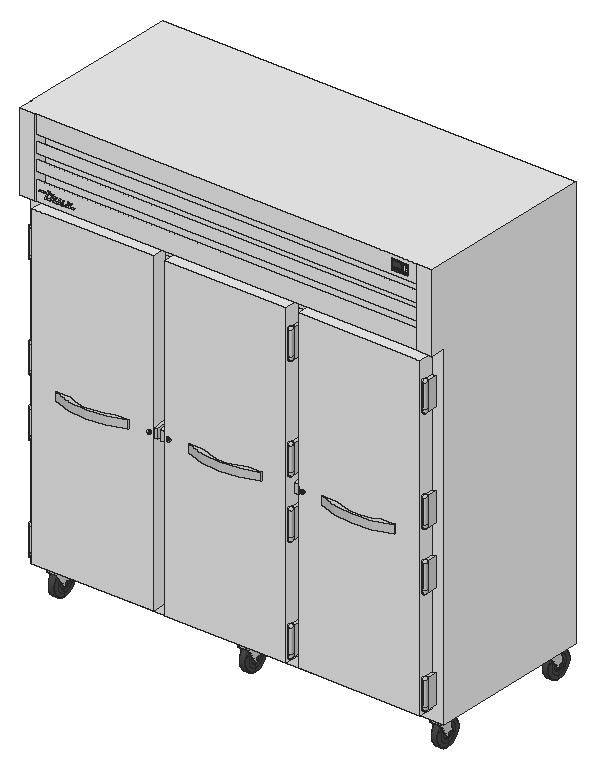
Revit family
Parameters
  Weight in Pounds = 0
  Watts = Volts * FL Amps  # 1046.5 W
  Volts = 115 V
  URL Cutsheet = "www.truemfg.com"
  URL = "www.truemfg.com"
  Type Mark [instance] = ""
  Type Comments = ""
  Status [instance] = ""
  Specification by User [instance] = ""
  Specification by Manufacturer = ""
  Show Seismic Flanged [instance] = no
  Show Logo [instance] = yes
  Show Legs [instance] = no
  Show Clearance [instance] = yes
  Serial Number = ""
  Seismic Rating = ""
  Seismic Plate [instance] = and(Show Seismic Flanged, not(Show Casters))  # no
  SMACNA No = ""
  Revision Code [instance] = ""
  Phase = 1
  Omniclass Number and Title = ""
  Number of Poles [instance] = 1
  NAFEM Spec ID Number = ""
  Model = "STR3R-3S"
  Min Ckt Ampacity = 0 A
  Max Overcurrent Protection = 0 A
  Masterspec = ""
  Manufacturer = "TRUE FOOD SERVICE EQUIPMENT, INC."
  Length = 77 3/4"
  Legs [instance] = or(Show Legs, Show Seismic Flanged)  # no
  Item Number [instance] = ""
  Installed By [instance] = ""
  Identify Quantity as Lot [instance] = yes
  Height = 77 3/4"
  HP = "1/2"
  Furnished By [instance] = ""
  Foodservice Equipment Identifier [instance] = yes
  FL Amps = 9.1 A
  Electrical Remarks [instance] = ""
  Electric Connection Type [instance] = ""
  Elec Conn RI Height [instance] = 0"
  Elec Conn Connection Height [instance] = 0"
  Description = "Reach-in Solid Swing Door Refrigerator"
  Depth = 33 3/4"
  Cycle = 60 Hz
  Conn Plug = "5-15P"
  Conn Conduit = yes
  Show Casters [instance] = and(not(if(Show Legs, Show Legs, Show Legs)), not(if(Show Legs, Show Legs, Show Seismic Flanged)))  # yes
  CSI MasterFormat = ""
  CSI Master Format = ""
  Apparent Power = if(Phase = 3, Volts * FL Amps * 1.73, Volts * FL Amps)  # 1046.5 VA
Reference planes (in)
  plane 1 "BACK": y = 0
  plane 2: z = 0
  plane 3 "LEFT": x = 0
  plane 4 "RIGHT": x = 77.75
  plane 5 "FRONT": y = -33.75
  plane 6 "TOP": z = 84.125
  plane 7: z = 6.125
  plane 8: y = -33.7042
  plane 9: x = 38.875
Forms (in)
  Extrusion 1, solid, material "QF_Finishes_Chrome - Satin"
    sketch origin (0.05, 0, 0) x (1, 0, 0) y (0, 1, 0)
      loop
        line (-0.05, 0) -> (-0.05, -31) -> (2.2, -31) -> (2.2, 0) -> (-0.05, 0)
    from 6.125 to 84.125
  Extrusion 2, solid, material "QF_Finishes_Chrome - Satin"
    sketch origin (49.99375, 0, 0) x (1, 0, 0) y (0, 1, 0)
      loop
        line (25.50625, 0) -> (25.50625, -31) -> (27.75625, -31) -> (27.75625, 0) -> (25.50625, 0)
    from 6.125 to 84.125
  Extrusion 3, solid, material "QF_Finishes_Chrome - Satin"
    sketch origin (0, 0, 0) x (0, 1, 0) y (0, 0, 1)
      loop
        line (-33.7042, 69.5) -> (-31, 69.5) -> (-31, 66.96875) -> (-2, 66.96875) -> (-2, 9.98627) -> (-31, 9.98627) -> (-31, 6.125) -> (0, 6.125) -> (0, 84.125) -> (-33.7042, 84.125) -> (-33.7042, 80.78078) -> (-31.5, 79.21352) -> (-31.5, 78.09125) -> (-33.7042, 79.65851) -> (-33.7042, 77.5248) -> (-31.5, 75.95754) -> (-31.5, 74.99678) -> (-33.7042, 76.56404) -> (-33.7042, 74.46784) -> (-31.5, 72.90057) -> (-31.5, 71.625) -> (-33.7042, 73.19226) -> (-33.7042, 69.5)
    from 2.25 to 75.5
  Extrusion 4, solid, material "QF_Finishes_Chrome - Satin"
    sketch origin (0, 0, 0) x (1, 0, 0) y (0, 1, 0)
      loop
        line (77.75407, -31) -> (74.78532, -31) -> (74.78532, -33.75) -> (77.75407, -33.75) -> (77.75407, -31)
    from 69.5 to 84.125
  Extrusion 5, solid, material "QF_Finishes_Chrome - Satin"
    sketch origin (-50.125, 0, 0.25) x (1, 0, 0) y (0, 1, 0)
      loop
        line (53.05359, -31) -> (50.24109, -31) -> (50.24109, -33.75) -> (53.05359, -33.75) -> (53.05359, -31)
    from 69.25 to 83.875
  Extrusion 6, solid
    sketch origin (0, 0, 0) x (1, 0, 0) y (0, 0, 1)
      loop
        circle (74.65625, 82) r 0.25
    from 0 to 0.0625
  Extrusion 7, solid, material "QF_Finishes_Handrails and Railings", visible <- "Show Casters"
    sketch origin (73.0625, 0, 0) x (0, 1, 0) y (0, 0, 1)
      loop
        line (-29.95136, 5.48574) -> (-29.95136, 4.88089) -> (-29.70136, 4.88089) -> (-27.95216, 2.18736)
        arc (-27.95216, 2.18736) -> (-27.23883, 1.94868) -> (-26.84581, 2.59003) r 0.60416
        line (-26.84581, 2.59003) -> (-27.20136, 5.48574) -> (-29.95136, 5.48574)
      loop
        line (-3.8577, 5.48574) -> (-3.8577, 4.88089) -> (-3.6077, 4.88089) -> (-1.8585, 2.18736)
        arc (-1.8585, 2.18736) -> (-1.14517, 1.94868) -> (-0.75215, 2.59003) r 0.60416
        line (-0.75215, 2.59003) -> (-1.1077, 5.48574) -> (-3.8577, 5.48574)
    from 1.175 to 1.325
  Extrusion 8, solid, material "QF_Finishes_Handrails and Railings", visible <- "Show Casters"
    sketch origin (74.5625, 0, 0) x (0, 1, 0) y (0, 0, 1)
      loop
        line (-29.95136, 5.48574) -> (-29.95136, 4.88089) -> (-29.70136, 4.88089) -> (-27.95216, 2.18736)
        arc (-27.95216, 2.18736) -> (-27.23883, 1.94868) -> (-26.84581, 2.59003) r 0.60416
        line (-26.84581, 2.59003) -> (-27.20136, 5.48574) -> (-29.95136, 5.48574)
      loop
        line (-3.8577, 5.48574) -> (-3.8577, 4.88089) -> (-3.6077, 4.88089) -> (-1.8585, 2.18736)
        arc (-1.8585, 2.18736) -> (-1.14517, 1.94868) -> (-0.75215, 2.59003) r 0.60416
        line (-0.75215, 2.59003) -> (-1.1077, 5.48574) -> (-3.8577, 5.48574)
    from 1.175 to 1.325
  Revolve 9, solid, material "QF_Finishes_Chrome - Satin", visible <- "Legs"
    sketch origin (47.78125, -2.69102, 0) x (1, 0, 0) y (0, 0, 1)
      loop
        line (27.28125, 6.125) -> (25.94787, 6.125) -> (26.53125, 1) -> (26.78125, 1) -> (26.78125, 0) -> (27.28125, 0) -> (27.28125, 6.125)
      axis (27.28125, 0) -> (27.28125, 6.125)
    angle from 0 to 360
  Revolve 10, solid, material "QF_Finishes_Chrome - Satin", visible <- "Show Casters"
    sketch origin (47.78125, -2.70321, -0.5) x (1, 0, 0) y (0, 0, 1)
      loop
        line (27.28125, 5.99546) -> (27.28125, 6.62359) -> (25.98418, 6.62359) -> (25.98418, 5.99546) -> (27.28125, 5.99546)
      axis (27.28125, 5.99546) -> (27.28125, 6.62359)
    angle from 0 to 360
  Extrusion 11, solid, material "QF_Finishes_Handrails and Railings", visible <- "Show Casters"
    sketch origin (25.28125, 0, 0) x (0, 1, 0) y (0, 0, 1)
      loop
        line (-29.95136, 5.48574) -> (-29.95136, 4.88089) -> (-29.70136, 4.88089) -> (-27.16533, 5.19227) -> (-27.20136, 5.48574) -> (-29.95136, 5.48574)
      loop
        line (-3.8577, 5.48574) -> (-3.8577, 4.88089) -> (-3.6077, 4.88089) -> (-1.07167, 5.19227) -> (-1.1077, 5.48574) -> (-3.8577, 5.48574)
    from 49.10625 to 50.45625
  Revolve 12, solid, material "QF_Finishes_Black", visible <- "Show Casters"
    sketch origin (47.78125, -1.21875, 0) x (1, 0, 0) y (0, 0, 1)
      loop
        line (26.75625, 5) -> (26.65625, 4.9) -> (26.65625, 4.29941) -> (26.81726, 4.29941) -> (26.81726, 3.54941) -> (26.65625, 3.54941) -> (26.65625, 2.79941) -> (26.25625, 2.79941) -> (26.25625, 2.5) -> (28.30625, 2.5) -> (28.30625, 2.79941) -> (27.91033, 2.79941) -> (27.91033, 3.54941) -> (27.74524, 3.54941) -> (27.74524, 4.29941) -> (27.91033, 4.29941) -> (27.91033, 4.89592) -> (27.80625, 5) -> (26.75625, 5)
      axis (28.30625, 2.5) -> (26.25625, 2.5)
    angle from 0 to 360
  Extrusion 13, solid, material "QF_Finishes_Handrails and Railings", visible <- "Show Casters"
    sketch origin (0.84375, 0, 0) x (0, 1, 0) y (0, 0, 1)
      loop
        line (-29.95136, 5.48574) -> (-29.95136, 4.88089) -> (-29.70136, 4.88089) -> (-27.95216, 2.18736)
        arc (-27.95216, 2.18736) -> (-27.23883, 1.94868) -> (-26.84581, 2.59003) r 0.60416
        line (-26.84581, 2.59003) -> (-27.20136, 5.48574) -> (-29.95136, 5.48574)
      loop
        line (-3.8577, 5.48574) -> (-3.8577, 4.88089) -> (-3.6077, 4.88089) -> (-1.8585, 2.18736)
        arc (-1.8585, 2.18736) -> (-1.14517, 1.94868) -> (-0.75215, 2.59003) r 0.60416
        line (-0.75215, 2.59003) -> (-1.1077, 5.48574) -> (-3.8577, 5.48574)
    from 1.175 to 1.325
  Extrusion 14, solid, material "QF_Finishes_Handrails and Railings", visible <- "Show Casters"
    sketch origin (2.34375, 0, 0) x (0, 1, 0) y (0, 0, 1)
      loop
        line (-29.95136, 5.48574) -> (-29.95136, 4.88089) -> (-29.70136, 4.88089) -> (-27.95216, 2.18736)
        arc (-27.95216, 2.18736) -> (-27.23883, 1.94868) -> (-26.84581, 2.59003) r 0.60416
        line (-26.84581, 2.59003) -> (-27.20136, 5.48574) -> (-29.95136, 5.48574)
      loop
        line (-3.8577, 5.48574) -> (-3.8577, 4.88089) -> (-3.6077, 4.88089) -> (-1.8585, 2.18736)
        arc (-1.8585, 2.18736) -> (-1.14517, 1.94868) -> (-0.75215, 2.59003) r 0.60416
        line (-0.75215, 2.59003) -> (-1.1077, 5.48574) -> (-3.8577, 5.48574)
    from 1.175 to 1.325
  Revolve 15, solid, material "QF_Finishes_Chrome - Satin", visible <- "Legs"
    sketch origin (0.84375, -2.69102, 0) x (1, 0, 0) y (0, 0, 1)
      loop
        line (2, 6.125) -> (0.66662, 6.125) -> (1.25, 1) -> (1.5, 1) -> (1.5, 0) -> (2, 0) -> (2, 6.125)
      axis (2, 0) -> (2, 6.125)
    angle from 0 to 360
  Revolve 16, solid, material "QF_Finishes_Chrome - Satin", visible <- "Show Casters"
    sketch origin (0.84375, -2.70321, -0.5) x (1, 0, 0) y (0, 0, 1)
      loop
        line (2, 5.99546) -> (2, 6.62359) -> (0.70293, 6.62359) -> (0.70293, 5.99546) -> (2, 5.99546)
      axis (2, 5.99546) -> (2, 6.62359)
    angle from 0 to 360
  Extrusion 17, solid, material "QF_Finishes_Handrails and Railings", visible <- "Show Casters"
    sketch origin (-46.9375, 0, 0) x (0, 1, 0) y (0, 0, 1)
      loop
        line (-29.95136, 5.48574) -> (-29.95136, 4.88089) -> (-29.70136, 4.88089) -> (-27.16533, 5.19227) -> (-27.20136, 5.48574) -> (-29.95136, 5.48574)
      loop
        line (-3.8577, 5.48574) -> (-3.8577, 4.88089) -> (-3.6077, 4.88089) -> (-1.07167, 5.19227) -> (-1.1077, 5.48574) -> (-3.8577, 5.48574)
    from 49.10625 to 50.45625
  Revolve 18, solid, material "QF_Finishes_Black", visible <- "Show Casters"
    sketch origin (0.84375, -1.21875, 0) x (1, 0, 0) y (0, 0, 1)
      loop
        line (1.475, 5) -> (1.375, 4.9) -> (1.375, 4.29941) -> (1.53601, 4.29941) -> (1.53601, 3.54941) -> (1.375, 3.54941) -> (1.375, 2.79941) -> (0.975, 2.79941) -> (0.975, 2.5) -> (3.025, 2.5) -> (3.025, 2.79941) -> (2.62908, 2.79941) -> (2.62908, 3.54941) -> (2.46399, 3.54941) -> (2.46399, 4.29941) -> (2.62908, 4.29941) -> (2.62908, 4.89592) -> (2.525, 5) -> (1.475, 5)
      axis (3.025, 2.5) -> (0.975, 2.5)
    angle from 0 to 360
  Extrusion 19, solid, material "QF_Finishes_Chrome - Satin", visible <- "Seismic Plate"
    sketch origin (-0.22541, -0.99687, 0) x (1, 0, 0) y (0, 1, 0)
      loop
        circle (3.06916, -1.69416) r 1.5
    from 0 to 0.25
  Extrusion 20, solid, material "QF_Finishes_Chrome - Satin", visible <- "Seismic Plate"
    sketch origin (46.71209, -0.99687, 0) x (1, 0, 0) y (0, 1, 0)
      loop
        circle (28.35041, -1.69416) r 1.5
    from 0 to 0.25
  Extrusion 21, solid, material "QF_Finishes_Chrome - Satin"
    sketch origin (0, 0, -0.71875) x (1, 0, 0) y (0, 0, 1)
      loop
        line (2.28125, 68.6875) -> (2.28125, 8.75) -> (25.21875, 8.75) -> (25.21875, 68.6875) -> (2.28125, 68.6875)
      loop
        line (50.21875, 68.6875) -> (27.28125, 68.6875) -> (27.28125, 8.75) -> (50.21875, 8.75) -> (50.21875, 68.6875)
      loop
        line (75.46875, 68.6875) -> (52.53125, 68.6875) -> (52.53125, 8.75) -> (75.46875, 8.75) -> (75.46875, 68.6875)
    from 31 to 33.75
  Extrusion 22, solid, material "QF_Finishes_Handrails and Railings", visible <- "Show Logo"
    sketch origin (0.33478, 1.08173, -6.73143) x (1, 0, 0) y (0, 0, 1)
      loop
        line (3.46044, 78.46231) -> (3.35478, 78.23573) -> (4.76027, 78.23573)
        arc (4.76027, 78.23573) -> (4.78879, 78.18528) -> (4.76027, 78.13484) r 0.05887
        line (4.76027, 78.13484) -> (4.39369, 77.34872)
        arc (4.39369, 77.34872) -> (4.39051, 77.27591) -> (4.43975, 77.22217) r 0.09523
        line (4.43975, 77.22217) -> (5.33844, 77.22217)
        arc (5.33844, 77.22217) -> (5.45192, 77.25795) -> (5.52436, 77.35235) r 0.19785
        line (5.52436, 77.35235) -> (5.81285, 77.97101) -> (6.0779, 77.97101)
        arc (6.0779, 77.97101) -> (6.14744, 77.94543) -> (6.13737, 77.87203) r 0.05911
        line (6.13737, 77.87203) -> (5.89598, 77.35437)
        arc (5.89598, 77.35437) -> (5.89974, 77.2684) -> (5.97231, 77.22217) r 0.09318
        line (5.97231, 77.22217) -> (6.76198, 77.22217)
        arc (6.76198, 77.22217) -> (6.82249, 77.24419) -> (6.85468, 77.29995) r 0.09412
        arc (6.85468, 77.29995) -> (6.87746, 77.24495) -> (6.93246, 77.22217) r 0.07778
        line (6.93246, 77.22217) -> (7.43246, 77.22217)
        arc (7.43246, 77.22217) -> (7.49022, 77.23765) -> (7.53251, 77.27993) r 0.11552
        arc (7.53251, 77.27993) -> (7.55275, 77.23106) -> (7.60162, 77.21081) r 0.06912
        line (7.60162, 77.21081) -> (8.31225, 77.21081)
        arc (8.31225, 77.21081) -> (8.37034, 77.23488) -> (8.39441, 77.29297) r 0.08216
        arc (8.39441, 77.29297) -> (8.44767, 77.23972) -> (8.52042, 77.22022) r 0.14551
        line (8.52042, 77.22022) -> (9.85158, 77.22022) -> (9.99946, 77.47634) -> (8.65678, 77.47634)
        arc (8.65678, 77.47634) -> (8.61972, 77.50204) -> (8.61834, 77.54711) r 0.05009
        line (8.61834, 77.54711) -> (8.64157, 77.59692)
        arc (8.64157, 77.59692) -> (8.67723, 77.64364) -> (8.73327, 77.66135) r 0.09747
        line (8.73327, 77.66135) -> (9.16485, 77.66135)
        arc (9.16485, 77.66135) -> (9.258, 77.68631) -> (9.32619, 77.7545) r 0.1863
        line (9.32619, 77.7545) -> (9.45119, 77.97101)
        arc (9.45119, 77.97101) -> (9.45119, 78.08657) -> (9.35111, 78.14434) r 0.11556
        line (9.35111, 78.14434) -> (8.89562, 78.14434)
        arc (8.89562, 78.14434) -> (8.7795, 78.12462) -> (8.69849, 78.03912) r 0.18605
        line (8.69849, 78.03912) -> (8.48204, 77.57493)
        arc (8.48204, 77.57493) -> (8.41815, 77.49167) -> (8.31806, 77.46011) r 0.1745
        line (8.31806, 77.46011) -> (7.84559, 77.46011)
        arc (7.84559, 77.46011) -> (7.78903, 77.52184) -> (7.79268, 77.60548) r 0.10939
        line (7.79268, 77.60548) -> (8.04395, 78.14434) -> (7.88403, 78.14434) -> (7.61781, 77.57344)
        arc (7.61781, 77.57344) -> (7.56609, 77.50603) -> (7.48505, 77.48048) r 0.14128
        line (7.48505, 77.48048) -> (7.15925, 77.48048)
        arc (7.15925, 77.48048) -> (7.10419, 77.55223) -> (7.116, 77.64189) r 0.11816
        line (7.116, 77.64189) -> (7.3503, 78.14434) -> (7.18514, 78.14434) -> (6.91546, 77.566)
        arc (6.91546, 77.566) -> (6.85285, 77.50339) -> (6.76733, 77.48048) r 0.17104
        line (6.76733, 77.48048) -> (6.29555, 77.48048)
        arc (6.29555, 77.48048) -> (6.21082, 77.51999) -> (6.20267, 77.61313) r 0.0935
        line (6.20267, 77.61313) -> (6.35774, 77.94569) -> (6.57695, 77.94569)
        arc (6.57695, 77.94569) -> (6.61395, 78.05717) -> (6.69267, 78.14434) r 0.2857
        line (6.69267, 78.14434) -> (5.83605, 78.14434)
        arc (5.83605, 78.14434) -> (5.74086, 78.12324) -> (5.67498, 78.05135) r 0.16212
        line (5.67498, 78.05135) -> (5.44279, 77.55341)
        arc (5.44279, 77.55341) -> (5.3894, 77.50002) -> (5.31647, 77.48048) r 0.14586
        line (5.31647, 77.48048) -> (4.80506, 77.48048)
        arc (4.80506, 77.48048) -> (4.76514, 77.53442) -> (4.77274, 77.60109) r 0.09155
        line (4.77274, 77.60109) -> (5.11018, 78.23573) -> (5.96155, 78.23573) -> (6.06721, 78.46231) -> (5.21584, 78.46231) -> (5.32149, 78.68888) -> (5.01862, 78.68888) -> (4.91297, 78.46231) -> (3.46044, 78.46231)
      loop
        arc (8.83805, 77.93863) -> (8.80119, 77.92875) -> (8.7742, 77.90176) r 0.07373
        line (8.7742, 77.90176) -> (8.75229, 77.83436)
        arc (8.75229, 77.83436) -> (8.76245, 77.80983) -> (8.78699, 77.79966) r 0.0347
        line (8.78699, 77.79966) -> (9.15948, 77.79966)
        arc (9.15948, 77.79966) -> (9.18632, 77.80561) -> (9.20812, 77.82234) r 0.0635
        line (9.20812, 77.82234) -> (9.22624, 77.90622)
        arc (9.22624, 77.90622) -> (9.22091, 77.92868) -> (9.20009, 77.93863) r 0.02676
        line (9.20009, 77.93863) -> (8.83805, 77.93863)
    from 34.76797 to 34.83173
  Extrusion 23, solid, material "QF_Finishes_Handrails and Railings"
    sketch origin (1.28125, 0, 0) x (0, 1, 0) y (0, 0, 1)
      loop
        line (-31, 64.55229) -> (-32.61044, 64.55229)
        arc (-32.61044, 64.55229) -> (-32.75506, 64.49238) -> (-32.81497, 64.34776) r 0.20453
        line (-32.81497, 64.34776) -> (-32.81497, 59.94848) -> (-33.25, 59.94848) -> (-33.25, 59.23627) -> (-31, 59.23627) -> (-31, 64.55229)
    from 0.17506 to 1
  Revolve 24, solid, material "QF_Finishes_Handrails and Railings"
    sketch origin (1.78125, 0, 0) x (0, 1, 0) y (0, 0, 1)
      loop
        line (-33.26563, 60.00189) -> (-33.26563, 64.81483)
        arc (-33.26563, 64.81483) -> (-33.53722, 64.72557) -> (-33.67229, 64.4736) r 0.3848
        line (-33.67229, 64.4736) -> (-33.67229, 60.00189) -> (-33.26563, 60.00189)
      loop
        line (-33.26563, 59.94848) -> (-33.67229, 59.94848) -> (-33.67229, 59.37712)
        arc (-33.67229, 59.37712) -> (-33.53264, 59.13383) -> (-33.26563, 59.04781) r 0.38884
        line (-33.26563, 59.04781) -> (-33.26563, 59.94848)
      axis (-33.26563, 59.04781) -> (-33.26563, 64.81483)
    angle from 0 to 360
  Extrusion 25, solid, material "QF_Finishes_Handrails and Railings"
    sketch origin (-0.03125, 0, 0) x (1, 0, 0) y (0, 0, 1)
      loop
        line (1.91491, 64.4736) -> (1.91491, 60.00079) -> (2.3125, 60.00079) -> (2.3125, 64.4736) -> (1.91491, 64.4736)
    from 32.81497 to 33.59495
  Extrusion 26, solid, material "QF_Finishes_Handrails and Railings"
    sketch origin (1.28125, 0, -19.5) x (0, 1, 0) y (0, 0, 1)
      loop
        line (-31, 64.55229) -> (-32.61044, 64.55229)
        arc (-32.61044, 64.55229) -> (-32.75506, 64.49238) -> (-32.81497, 64.34776) r 0.20453
        line (-32.81497, 64.34776) -> (-32.81497, 59.94848) -> (-33.25, 59.94848) -> (-33.25, 59.23627) -> (-31, 59.23627) -> (-31, 64.55229)
    from 0.17506 to 1
  Revolve 27, solid, material "QF_Finishes_Handrails and Railings"
    sketch origin (1.78125, 0, -19.5) x (0, 1, 0) y (0, 0, 1)
      loop
        line (-33.26563, 60.00189) -> (-33.26563, 64.81483)
        arc (-33.26563, 64.81483) -> (-33.53722, 64.72557) -> (-33.67229, 64.4736) r 0.3848
        line (-33.67229, 64.4736) -> (-33.67229, 60.00189) -> (-33.26563, 60.00189)
      loop
        line (-33.26563, 59.94848) -> (-33.67229, 59.94848) -> (-33.67229, 59.37712)
        arc (-33.67229, 59.37712) -> (-33.53264, 59.13383) -> (-33.26563, 59.04781) r 0.38884
        line (-33.26563, 59.04781) -> (-33.26563, 59.94848)
      axis (-33.26563, 59.04781) -> (-33.26563, 64.81483)
    angle from 0 to 360
  Extrusion 28, solid, material "QF_Finishes_Handrails and Railings"
    sketch origin (-0.03125, 0, -19.5) x (1, 0, 0) y (0, 0, 1)
      loop
        line (1.91491, 64.4736) -> (1.91491, 60.00079) -> (2.3125, 60.00079) -> (2.3125, 64.4736) -> (1.91491, 64.4736)
    from 32.81497 to 33.59495
  Extrusion 29, solid, material "QF_Finishes_Handrails and Railings"
    sketch origin (1.28125, 0, -30.5) x (0, 1, 0) y (0, 0, 1)
      loop
        line (-31, 64.55229) -> (-32.61044, 64.55229)
        arc (-32.61044, 64.55229) -> (-32.75506, 64.49238) -> (-32.81497, 64.34776) r 0.20453
        line (-32.81497, 64.34776) -> (-32.81497, 59.94848) -> (-33.25, 59.94848) -> (-33.25, 59.23627) -> (-31, 59.23627) -> (-31, 64.55229)
    from 0.17506 to 1
  Revolve 30, solid, material "QF_Finishes_Handrails and Railings"
    sketch origin (1.78125, 0, -30.5) x (0, 1, 0) y (0, 0, 1)
      loop
        line (-33.26563, 60.00189) -> (-33.26563, 64.81483)
        arc (-33.26563, 64.81483) -> (-33.53722, 64.72557) -> (-33.67229, 64.4736) r 0.3848
        line (-33.67229, 64.4736) -> (-33.67229, 60.00189) -> (-33.26563, 60.00189)
      loop
        line (-33.26563, 59.94848) -> (-33.67229, 59.94848) -> (-33.67229, 59.37712)
        arc (-33.67229, 59.37712) -> (-33.53264, 59.13383) -> (-33.26563, 59.04781) r 0.38884
        line (-33.26563, 59.04781) -> (-33.26563, 59.94848)
      axis (-33.26563, 59.04781) -> (-33.26563, 64.81483)
    angle from 0 to 360
  Extrusion 31, solid, material "QF_Finishes_Handrails and Railings"
    sketch origin (-0.03125, 0, -30.5) x (1, 0, 0) y (0, 0, 1)
      loop
        line (1.91491, 64.4736) -> (1.91491, 60.00079) -> (2.3125, 60.00079) -> (2.3125, 64.4736) -> (1.91491, 64.4736)
    from 32.81497 to 33.59495
  Extrusion 32, solid, material "QF_Finishes_Handrails and Railings"
    sketch origin (1.28125, 0, -50.25) x (0, 1, 0) y (0, 0, 1)
      loop
        line (-31, 64.55229) -> (-32.61044, 64.55229)
        arc (-32.61044, 64.55229) -> (-32.75506, 64.49238) -> (-32.81497, 64.34776) r 0.20453
        line (-32.81497, 64.34776) -> (-32.81497, 59.94848) -> (-33.25, 59.94848) -> (-33.25, 59.23627) -> (-31, 59.23627) -> (-31, 64.55229)
    from 0.17506 to 1
  Revolve 33, solid, material "QF_Finishes_Handrails and Railings"
    sketch origin (1.78125, 0, -50.25) x (0, 1, 0) y (0, 0, 1)
      loop
        line (-33.26563, 60.00189) -> (-33.26563, 64.81483)
        arc (-33.26563, 64.81483) -> (-33.53722, 64.72557) -> (-33.67229, 64.4736) r 0.3848
        line (-33.67229, 64.4736) -> (-33.67229, 60.00189) -> (-33.26563, 60.00189)
      loop
        line (-33.26563, 59.94848) -> (-33.67229, 59.94848) -> (-33.67229, 59.37712)
        arc (-33.67229, 59.37712) -> (-33.53264, 59.13383) -> (-33.26563, 59.04781) r 0.38884
        line (-33.26563, 59.04781) -> (-33.26563, 59.94848)
      axis (-33.26563, 59.04781) -> (-33.26563, 64.81483)
    angle from 0 to 360
  Extrusion 34, solid, material "QF_Finishes_Handrails and Railings"
    sketch origin (-0.03125, 0, -50.25) x (1, 0, 0) y (0, 0, 1)
      loop
        line (1.91491, 64.4736) -> (1.91491, 60.00079) -> (2.3125, 60.00079) -> (2.3125, 64.4736) -> (1.91491, 64.4736)
    from 32.81497 to 33.59495
  Extrusion 35, solid, material "QF_Finishes_Handrails and Railings"
    sketch origin (51.1875, 0, 0) x (0, 1, 0) y (0, 0, -1)
      loop
        line (-31, -64.55229) -> (-31, -59.23627) -> (-33.25, -59.23627) -> (-33.25, -59.94848) -> (-32.81497, -59.94848) -> (-32.81497, -64.34776)
        arc (-32.81497, -64.34776) -> (-32.75506, -64.49238) -> (-32.61044, -64.55229) r 0.20453
        line (-32.61044, -64.55229) -> (-31, -64.55229)
    from 0.17506 to 1
  Revolve 36, solid, material "QF_Finishes_Handrails and Railings"
    sketch origin (50.6875, 0, 0) x (0, 1, 0) y (0, 0, -1)
      loop
        line (-33.26563, -60.00189) -> (-33.67229, -60.00189) -> (-33.67229, -64.4736)
        arc (-33.67229, -64.4736) -> (-33.53722, -64.72557) -> (-33.26563, -64.81483) r 0.3848
        line (-33.26563, -64.81483) -> (-33.26563, -60.00189)
      loop
        line (-33.26563, -59.94848) -> (-33.26563, -59.04781)
        arc (-33.26563, -59.04781) -> (-33.53264, -59.13383) -> (-33.67229, -59.37712) r 0.38884
        line (-33.67229, -59.37712) -> (-33.67229, -59.94848) -> (-33.26563, -59.94848)
      axis (-33.26563, -59.04781) -> (-33.26563, -64.81483)
    angle from 0 to 360
  Extrusion 37, solid, material "QF_Finishes_Handrails and Railings"
    sketch origin (52.5, 0, 0) x (-1, 0, 0) y (0, 0, -1)
      loop
        line (1.91491, -64.4736) -> (2.3125, -64.4736) -> (2.3125, -60.00079) -> (1.91491, -60.00079) -> (1.91491, -64.4736)
    from 32.81497 to 33.59495
  Extrusion 38, solid, material "QF_Finishes_Handrails and Railings"
    sketch origin (51.1875, 0, -19.5) x (0, 1, 0) y (0, 0, -1)
      loop
        line (-31, -64.55229) -> (-31, -59.23627) -> (-33.25, -59.23627) -> (-33.25, -59.94848) -> (-32.81497, -59.94848) -> (-32.81497, -64.34776)
        arc (-32.81497, -64.34776) -> (-32.75506, -64.49238) -> (-32.61044, -64.55229) r 0.20453
        line (-32.61044, -64.55229) -> (-31, -64.55229)
    from 0.17506 to 1
  Revolve 39, solid, material "QF_Finishes_Handrails and Railings"
    sketch origin (50.6875, 0, -19.5) x (0, 1, 0) y (0, 0, -1)
      loop
        line (-33.26563, -60.00189) -> (-33.67229, -60.00189) -> (-33.67229, -64.4736)
        arc (-33.67229, -64.4736) -> (-33.53722, -64.72557) -> (-33.26563, -64.81483) r 0.3848
        line (-33.26563, -64.81483) -> (-33.26563, -60.00189)
      loop
        line (-33.26563, -59.94848) -> (-33.26563, -59.04781)
        arc (-33.26563, -59.04781) -> (-33.53264, -59.13383) -> (-33.67229, -59.37712) r 0.38884
        line (-33.67229, -59.37712) -> (-33.67229, -59.94848) -> (-33.26563, -59.94848)
      axis (-33.26563, -59.04781) -> (-33.26563, -64.81483)
    angle from 0 to 360
  Extrusion 40, solid, material "QF_Finishes_Handrails and Railings"
    sketch origin (52.5, 0, -19.5) x (-1, 0, 0) y (0, 0, -1)
      loop
        line (1.91491, -64.4736) -> (2.3125, -64.4736) -> (2.3125, -60.00079) -> (1.91491, -60.00079) -> (1.91491, -64.4736)
    from 32.81497 to 33.59495
  Extrusion 41, solid, material "QF_Finishes_Handrails and Railings"
    sketch origin (51.1875, 0, -30.5) x (0, 1, 0) y (0, 0, -1)
      loop
        line (-31, -64.55229) -> (-31, -59.23627) -> (-33.25, -59.23627) -> (-33.25, -59.94848) -> (-32.81497, -59.94848) -> (-32.81497, -64.34776)
        arc (-32.81497, -64.34776) -> (-32.75506, -64.49238) -> (-32.61044, -64.55229) r 0.20453
        line (-32.61044, -64.55229) -> (-31, -64.55229)
    from 0.17506 to 1
  Revolve 42, solid, material "QF_Finishes_Handrails and Railings"
    sketch origin (50.6875, 0, -30.5) x (0, 1, 0) y (0, 0, -1)
      loop
        line (-33.26563, -60.00189) -> (-33.67229, -60.00189) -> (-33.67229, -64.4736)
        arc (-33.67229, -64.4736) -> (-33.53722, -64.72557) -> (-33.26563, -64.81483) r 0.3848
        line (-33.26563, -64.81483) -> (-33.26563, -60.00189)
      loop
        line (-33.26563, -59.94848) -> (-33.26563, -59.04781)
        arc (-33.26563, -59.04781) -> (-33.53264, -59.13383) -> (-33.67229, -59.37712) r 0.38884
        line (-33.67229, -59.37712) -> (-33.67229, -59.94848) -> (-33.26563, -59.94848)
      axis (-33.26563, -59.04781) -> (-33.26563, -64.81483)
    angle from 0 to 360
  Extrusion 43, solid, material "QF_Finishes_Handrails and Railings"
    sketch origin (52.5, 0, -30.5) x (-1, 0, 0) y (0, 0, -1)
      loop
        line (1.91491, -64.4736) -> (2.3125, -64.4736) -> (2.3125, -60.00079) -> (1.91491, -60.00079) -> (1.91491, -64.4736)
    from 32.81497 to 33.59495
  Extrusion 44, solid, material "QF_Finishes_Handrails and Railings"
    sketch origin (51.1875, 0, -50.25) x (0, 1, 0) y (0, 0, -1)
      loop
        line (-31, -64.55229) -> (-31, -59.23627) -> (-33.25, -59.23627) -> (-33.25, -59.94848) -> (-32.81497, -59.94848) -> (-32.81497, -64.34776)
        arc (-32.81497, -64.34776) -> (-32.75506, -64.49238) -> (-32.61044, -64.55229) r 0.20453
        line (-32.61044, -64.55229) -> (-31, -64.55229)
    from 0.17506 to 1
  Revolve 45, solid, material "QF_Finishes_Handrails and Railings"
    sketch origin (50.6875, 0, -50.25) x (0, 1, 0) y (0, 0, -1)
      loop
        line (-33.26563, -60.00189) -> (-33.67229, -60.00189) -> (-33.67229, -64.4736)
        arc (-33.67229, -64.4736) -> (-33.53722, -64.72557) -> (-33.26563, -64.81483) r 0.3848
        line (-33.26563, -64.81483) -> (-33.26563, -60.00189)
      loop
        line (-33.26563, -59.94848) -> (-33.26563, -59.04781)
        arc (-33.26563, -59.04781) -> (-33.53264, -59.13383) -> (-33.67229, -59.37712) r 0.38884
        line (-33.67229, -59.37712) -> (-33.67229, -59.94848) -> (-33.26563, -59.94848)
      axis (-33.26563, -59.04781) -> (-33.26563, -64.81483)
    angle from 0 to 360
  Extrusion 46, solid, material "QF_Finishes_Handrails and Railings"
    sketch origin (52.5, 0, -50.25) x (-1, 0, 0) y (0, 0, -1)
      loop
        line (1.91491, -64.4736) -> (2.3125, -64.4736) -> (2.3125, -60.00079) -> (1.91491, -60.00079) -> (1.91491, -64.4736)
    from 32.81497 to 33.59495
  Revolve 47, solid, material "QF_Finishes_Black", visible <- "Show Casters"
    sketch origin (73.0625, -27.375, 0) x (1, 0, 0) y (0, 0, 1)
      loop
        line (1.475, 5) -> (1.375, 4.9) -> (1.375, 4.29941) -> (1.53601, 4.29941) -> (1.53601, 3.54941) -> (1.375, 3.54941) -> (1.375, 2.79941) -> (0.975, 2.79941) -> (0.975, 2.5) -> (3.025, 2.5) -> (3.025, 2.79941) -> (2.62908, 2.79941) -> (2.62908, 3.54941) -> (2.46399, 3.54941) -> (2.46399, 4.29941) -> (2.62908, 4.29941) -> (2.62908, 4.89592) -> (2.525, 5) -> (1.475, 5)
      axis (3.025, 2.5) -> (0.975, 2.5)
    angle from 0 to 360
  Revolve 48, solid, material "QF_Finishes_Chrome - Satin", visible <- "Show Casters"
    sketch origin (73.0625, -28.5625, -0.5) x (1, 0, 0) y (0, 0, 1)
      loop
        line (2, 5.99546) -> (2, 6.62359) -> (0.70293, 6.62359) -> (0.70293, 5.99546) -> (2, 5.99546)
      axis (2, 5.99546) -> (2, 6.62359)
    angle from 0 to 360
  Revolve 49, solid, material "QF_Finishes_Chrome - Satin", visible <- "Legs"
    sketch origin (73.0625, -28.65977, 0) x (1, 0, 0) y (0, 0, 1)
      loop
        line (2, 6.125) -> (0.66662, 6.125) -> (1.25, 1) -> (1.5, 1) -> (1.5, 0) -> (2, 0) -> (2, 6.125)
      axis (2, 0) -> (2, 6.125)
    angle from 0 to 360
  Revolve 50, solid, material "QF_Finishes_Black", visible <- "Show Casters"
    sketch origin (0.84375, -27.375, 0) x (1, 0, 0) y (0, 0, 1)
      loop
        line (1.475, 5) -> (1.375, 4.9) -> (1.375, 4.29941) -> (1.53601, 4.29941) -> (1.53601, 3.54941) -> (1.375, 3.54941) -> (1.375, 2.79941) -> (0.975, 2.79941) -> (0.975, 2.5) -> (3.025, 2.5) -> (3.025, 2.79941) -> (2.62908, 2.79941) -> (2.62908, 3.54941) -> (2.46399, 3.54941) -> (2.46399, 4.29941) -> (2.62908, 4.29941) -> (2.62908, 4.89592) -> (2.525, 5) -> (1.475, 5)
      axis (3.025, 2.5) -> (0.975, 2.5)
    angle from 0 to 360
  Revolve 51, solid, material "QF_Finishes_Chrome - Satin", visible <- "Show Casters"
    sketch origin (0.84375, -28.5625, -0.5) x (1, 0, 0) y (0, 0, 1)
      loop
        line (2, 5.99546) -> (2, 6.62359) -> (0.70293, 6.62359) -> (0.70293, 5.99546) -> (2, 5.99546)
      axis (2, 5.99546) -> (2, 6.62359)
    angle from 0 to 360
  Revolve 52, solid, material "QF_Finishes_Chrome - Satin", visible <- "Legs"
    sketch origin (0.84375, -28.65977, 0) x (1, 0, 0) y (0, 0, 1)
      loop
        line (2, 6.125) -> (0.66662, 6.125) -> (1.25, 1) -> (1.5, 1) -> (1.5, 0) -> (2, 0) -> (2, 6.125)
      axis (2, 0) -> (2, 6.125)
    angle from 0 to 360
  Extrusion 53, solid, material "QF_Finishes_White"
    sketch origin (26.99925, 1.06376, 1.58022) x (1, 0, 0) y (0, 0, 1)
      loop
        line (43.16107, 81.73227) -> (43.16107, 79.98496) -> (46.06732, 79.98496) -> (46.06732, 81.73227) -> (43.16107, 81.73227)
    from 34.75 to 34.76797
  Extrusion 54, solid, material "QF_Finishes_Black"
    sketch origin (26.99925, 1.06376, 1.58022) x (1, 0, 0) y (0, 0, 1)
      loop
        line (46.12982, 81.79477) -> (43.09857, 81.79477) -> (43.09857, 79.92246) -> (46.12982, 79.92246) -> (46.12982, 81.79477)
      loop
        spline (43.29857, 80.25372) -> (43.30708, 80.23754) -> (43.33206, 80.22247) -> (43.37179, 80.20952) -> (43.42357, 80.19959) -> (43.48386, 80.19335) -> (43.54857, 80.19122) -> (43.61327, 80.19335) -> (43.67357, 80.19959) -> (43.72534, 80.20952) -> (43.76507, 80.22247) -> (43.79005, 80.23754) -> (43.79857, 80.25372)
        spline (43.79857, 80.25372) -> (43.79005, 80.26989) -> (43.76507, 80.28497) -> (43.72534, 80.29791) -> (43.67357, 80.30784) -> (43.61327, 80.31409) -> (43.54857, 80.31622) -> (43.48386, 80.31409) -> (43.42357, 80.30784) -> (43.37179, 80.29791) -> (43.33206, 80.28497) -> (43.30708, 80.26989) -> (43.29857, 80.25372)
      loop
        spline (43.99458, 80.25372) -> (44.0031, 80.23754) -> (44.02807, 80.22247) -> (44.0678, 80.20952) -> (44.11958, 80.19959) -> (44.17987, 80.19335) -> (44.24458, 80.19122) -> (44.30928, 80.19335) -> (44.36958, 80.19959) -> (44.42136, 80.20952) -> (44.46109, 80.22247) -> (44.48606, 80.23754) -> (44.49458, 80.25372)
        spline (44.49458, 80.25372) -> (44.48606, 80.26989) -> (44.46109, 80.28497) -> (44.42136, 80.29791) -> (44.36958, 80.30784) -> (44.30928, 80.31409) -> (44.24458, 80.31622) -> (44.17987, 80.31409) -> (44.11958, 80.30784) -> (44.0678, 80.29791) -> (44.02807, 80.28497) -> (44.0031, 80.26989) -> (43.99458, 80.25372)
      loop
        spline (44.74458, 80.25372) -> (44.7531, 80.23754) -> (44.77807, 80.22247) -> (44.8178, 80.20952) -> (44.86958, 80.19959) -> (44.92987, 80.19335) -> (44.99458, 80.19122) -> (45.05928, 80.19335) -> (45.11958, 80.19959) -> (45.17136, 80.20952) -> (45.21109, 80.22247) -> (45.23606, 80.23754) -> (45.24458, 80.25372)
        spline (45.24458, 80.25372) -> (45.23606, 80.26989) -> (45.21109, 80.28497) -> (45.17136, 80.29791) -> (45.11958, 80.30784) -> (45.05928, 80.31409) -> (44.99458, 80.31622) -> (44.92987, 80.31409) -> (44.86958, 80.30784) -> (44.8178, 80.29791) -> (44.77807, 80.28497) -> (44.7531, 80.26989) -> (44.74458, 80.25372)
      loop
        line (43.29856, 81.59478) -> (43.29856, 80.59478) -> (44.99808, 80.59478) -> (44.99808, 81.59478) -> (43.29856, 81.59478)
      loop
        line (46.06732, 81.73227) -> (43.16107, 81.73227) -> (43.16107, 79.98496) -> (46.06732, 79.98496) -> (46.06732, 81.73227)
      loop
        spline (45.49458, 80.25372) -> (45.5031, 80.23754) -> (45.52807, 80.22247) -> (45.5678, 80.20952) -> (45.61958, 80.19959) -> (45.67987, 80.19335) -> (45.74458, 80.19122) -> (45.80928, 80.19335) -> (45.86958, 80.19959) -> (45.92136, 80.20952) -> (45.96109, 80.22247) -> (45.98606, 80.23754) -> (45.99458, 80.25372)
        spline (45.99458, 80.25372) -> (45.98606, 80.26989) -> (45.96109, 80.28497) -> (45.92136, 80.29791) -> (45.86958, 80.30784) -> (45.80928, 80.31409) -> (45.74458, 80.31622) -> (45.67987, 80.31409) -> (45.61958, 80.30784) -> (45.5678, 80.29791) -> (45.52807, 80.28497) -> (45.5031, 80.26989) -> (45.49458, 80.25372)
    from 34.76797 to 34.80335
  Extrusion 55, solid, material "QF_Finishes_Chrome - Satin", visible <- "Seismic Plate"
    sketch origin (-0.22541, -26.96562, 0) x (1, 0, 0) y (0, 1, 0)
      loop
        circle (3.06916, -1.69416) r 1.5
    from 0 to 0.25
  Extrusion 56, solid, material "QF_Finishes_Chrome - Satin", visible <- "Seismic Plate"
    sketch origin (71.99334, -26.96562, 0) x (1, 0, 0) y (0, 1, 0)
      loop
        circle (3.06916, -1.69416) r 1.5
    from 0 to 0.25
  Extrusion 57, solid, material "QF_Finishes_Chrome - Satin"
    sketch origin (0, -33.25, 9.98627) x (0, 1, 0) y (-1, 0, 0)
      loop
        line (2.25, -24.21875) -> (2.25, -28.25) -> (3.25, -28.25) -> (3.25, -24.21875) -> (2.25, -24.21875)
      loop
        line (2.25, -49.5) -> (2.25, -53.53125) -> (3.25, -53.53125) -> (3.25, -49.5) -> (2.25, -49.5)
    from 0 to 56.98248
  Extrusion 58, solid, material "QF_Finishes_Handrails and Railings"
    sketch origin (76.46875, 0, 0) x (0, 1, 0) y (0, 0, -1)
      loop
        line (-31, -64.55229) -> (-31, -59.23627) -> (-33.25, -59.23627) -> (-33.25, -59.94848) -> (-32.81497, -59.94848) -> (-32.81497, -64.34776)
        arc (-32.81497, -64.34776) -> (-32.75506, -64.49238) -> (-32.61044, -64.55229) r 0.20453
        line (-32.61044, -64.55229) -> (-31, -64.55229)
    from 0.17506 to 1
  Revolve 59, solid, material "QF_Finishes_Handrails and Railings"
    sketch origin (75.96875, 0, 0) x (0, 1, 0) y (0, 0, -1)
      loop
        line (-33.26563, -60.00189) -> (-33.67229, -60.00189) -> (-33.67229, -64.4736)
        arc (-33.67229, -64.4736) -> (-33.53722, -64.72557) -> (-33.26563, -64.81483) r 0.3848
        line (-33.26563, -64.81483) -> (-33.26563, -60.00189)
      loop
        line (-33.26563, -59.94848) -> (-33.26563, -59.04781)
        arc (-33.26563, -59.04781) -> (-33.53264, -59.13383) -> (-33.67229, -59.37712) r 0.38884
        line (-33.67229, -59.37712) -> (-33.67229, -59.94848) -> (-33.26563, -59.94848)
      axis (-33.26563, -59.04781) -> (-33.26563, -64.81483)
    angle from 0 to 360
  Extrusion 60, solid, material "QF_Finishes_Handrails and Railings"
    sketch origin (77.78125, 0, 0) x (-1, 0, 0) y (0, 0, -1)
      loop
        line (1.91491, -64.4736) -> (2.3125, -64.4736) -> (2.3125, -60.00079) -> (1.91491, -60.00079) -> (1.91491, -64.4736)
    from 32.81497 to 33.59495
  Extrusion 61, solid, material "QF_Finishes_Handrails and Railings"
    sketch origin (76.46875, 0, -19.5) x (0, 1, 0) y (0, 0, -1)
      loop
        line (-31, -64.55229) -> (-31, -59.23627) -> (-33.25, -59.23627) -> (-33.25, -59.94848) -> (-32.81497, -59.94848) -> (-32.81497, -64.34776)
        arc (-32.81497, -64.34776) -> (-32.75506, -64.49238) -> (-32.61044, -64.55229) r 0.20453
        line (-32.61044, -64.55229) -> (-31, -64.55229)
    from 0.17506 to 1
  Revolve 62, solid, material "QF_Finishes_Handrails and Railings"
    sketch origin (75.96875, 0, -19.5) x (0, 1, 0) y (0, 0, -1)
      loop
        line (-33.26563, -60.00189) -> (-33.67229, -60.00189) -> (-33.67229, -64.4736)
        arc (-33.67229, -64.4736) -> (-33.53722, -64.72557) -> (-33.26563, -64.81483) r 0.3848
        line (-33.26563, -64.81483) -> (-33.26563, -60.00189)
      loop
        line (-33.26563, -59.94848) -> (-33.26563, -59.04781)
        arc (-33.26563, -59.04781) -> (-33.53264, -59.13383) -> (-33.67229, -59.37712) r 0.38884
        line (-33.67229, -59.37712) -> (-33.67229, -59.94848) -> (-33.26563, -59.94848)
      axis (-33.26563, -59.04781) -> (-33.26563, -64.81483)
    angle from 0 to 360
  Extrusion 63, solid, material "QF_Finishes_Handrails and Railings"
    sketch origin (77.78125, 0, -19.5) x (-1, 0, 0) y (0, 0, -1)
      loop
        line (1.91491, -64.4736) -> (2.3125, -64.4736) -> (2.3125, -60.00079) -> (1.91491, -60.00079) -> (1.91491, -64.4736)
    from 32.81497 to 33.59495
  Extrusion 64, solid, material "QF_Finishes_Handrails and Railings"
    sketch origin (76.46875, 0, -30.5) x (0, 1, 0) y (0, 0, -1)
      loop
        line (-31, -64.55229) -> (-31, -59.23627) -> (-33.25, -59.23627) -> (-33.25, -59.94848) -> (-32.81497, -59.94848) -> (-32.81497, -64.34776)
        arc (-32.81497, -64.34776) -> (-32.75506, -64.49238) -> (-32.61044, -64.55229) r 0.20453
        line (-32.61044, -64.55229) -> (-31, -64.55229)
    from 0.17506 to 1
  Revolve 65, solid, material "QF_Finishes_Handrails and Railings"
    sketch origin (75.96875, 0, -30.5) x (0, 1, 0) y (0, 0, -1)
      loop
        line (-33.26563, -60.00189) -> (-33.67229, -60.00189) -> (-33.67229, -64.4736)
        arc (-33.67229, -64.4736) -> (-33.53722, -64.72557) -> (-33.26563, -64.81483) r 0.3848
        line (-33.26563, -64.81483) -> (-33.26563, -60.00189)
      loop
        line (-33.26563, -59.94848) -> (-33.26563, -59.04781)
        arc (-33.26563, -59.04781) -> (-33.53264, -59.13383) -> (-33.67229, -59.37712) r 0.38884
        line (-33.67229, -59.37712) -> (-33.67229, -59.94848) -> (-33.26563, -59.94848)
      axis (-33.26563, -59.04781) -> (-33.26563, -64.81483)
    angle from 0 to 360
  Extrusion 66, solid, material "QF_Finishes_Handrails and Railings"
    sketch origin (77.78125, 0, -30.5) x (-1, 0, 0) y (0, 0, -1)
      loop
        line (1.91491, -64.4736) -> (2.3125, -64.4736) -> (2.3125, -60.00079) -> (1.91491, -60.00079) -> (1.91491, -64.4736)
    from 32.81497 to 33.59495
  Extrusion 67, solid, material "QF_Finishes_Handrails and Railings"
    sketch origin (76.46875, 0, -50.25) x (0, 1, 0) y (0, 0, -1)
      loop
        line (-31, -64.55229) -> (-31, -59.23627) -> (-33.25, -59.23627) -> (-33.25, -59.94848) -> (-32.81497, -59.94848) -> (-32.81497, -64.34776)
        arc (-32.81497, -64.34776) -> (-32.75506, -64.49238) -> (-32.61044, -64.55229) r 0.20453
        line (-32.61044, -64.55229) -> (-31, -64.55229)
    from 0.17506 to 1
  Revolve 68, solid, material "QF_Finishes_Handrails and Railings"
    sketch origin (75.96875, 0, -50.25) x (0, 1, 0) y (0, 0, -1)
      loop
        line (-33.26563, -60.00189) -> (-33.67229, -60.00189) -> (-33.67229, -64.4736)
        arc (-33.67229, -64.4736) -> (-33.53722, -64.72557) -> (-33.26563, -64.81483) r 0.3848
        line (-33.26563, -64.81483) -> (-33.26563, -60.00189)
      loop
        line (-33.26563, -59.94848) -> (-33.26563, -59.04781)
        arc (-33.26563, -59.04781) -> (-33.53264, -59.13383) -> (-33.67229, -59.37712) r 0.38884
        line (-33.67229, -59.37712) -> (-33.67229, -59.94848) -> (-33.26563, -59.94848)
      axis (-33.26563, -59.04781) -> (-33.26563, -64.81483)
    angle from 0 to 360
  Extrusion 69, solid, material "QF_Finishes_Handrails and Railings"
    sketch origin (77.78125, 0, -50.25) x (-1, 0, 0) y (0, 0, -1)
      loop
        line (1.91491, -64.4736) -> (2.3125, -64.4736) -> (2.3125, -60.00079) -> (1.91491, -60.00079) -> (1.91491, -64.4736)
    from 32.81497 to 33.59495
  Extrusion 70, solid, material "QF_Finishes_Handrails and Railings"
    sketch origin (1.75, 0, -2) x (1, 0, 0) y (0, 0, 1)
      loop
        circle (22.6875, 40.0625) r 0.35
      loop
        line (22.65235, 40.33635) -> (22.65235, 39.76895) -> (22.70785, 39.76895) -> (22.70785, 40.33635) -> (22.65235, 40.33635)
      loop
        circle (26.3125, 40.0625) r 0.35
      loop
        line (26.34765, 40.33635) -> (26.29215, 40.33635) -> (26.29215, 39.76895) -> (26.34765, 39.76895) -> (26.34765, 40.33635)
    from 33.5 to 33.83066
  Extrusion 71, solid, material "QF_Finishes_Handrails and Railings"
    sketch origin (-33.325, -0.25, 26.37269) x (1, 0, 0) y (0, 1, 0)
      loop
        line (53.875, -33.5) -> (51.475, -33.5)
        arc (51.475, -33.5) -> (47.075, -34.65816) -> (42.675, -33.5) r 8.93715
        line (42.675, -33.5) -> (40.275, -33.5) -> (40.275, -33.7)
        arc (40.275, -33.7) -> (47.075, -35.14405) -> (53.875, -33.7) r 16.7325
        line (53.875, -33.7) -> (53.875, -33.5)
    from 10.87731 to 12.37731
  Blend 72, solid, material "QF_Finishes_Handrails and Railings"
    base sketch origin (-0.03125, 0, 0) x (1, 0, 0) y (0, 0, 1)
      loop
        line (25.25, 38.99169) -> (25.25, 37.24169) -> (26, 37.24169) -> (26, 38.99169) -> (25.25, 38.99169)
    top sketch origin (-0.03125, 0, 0) x (1, 0, 0) y (0, 0, 1)
      loop
        line (26.18223, 36.6441) -> (26.18223, 39.42643) -> (25.25, 39.42643) -> (25.25, 36.6441) -> (26.18223, 36.6441)
    from 33.57883 to 31
  Blend 73, solid, material "QF_Finishes_Handrails and Railings"
    base sketch origin (52.5, 0, 0) x (-1, 0, 0) y (0, 0, -1)
      loop
        line (25.25, -38.99169) -> (26, -38.99169) -> (26, -37.24169) -> (25.25, -37.24169) -> (25.25, -38.99169)
    top sketch origin (52.5, 0, 0) x (-1, 0, 0) y (0, 0, -1)
      loop
        line (26.18223, -36.6441) -> (25.25, -36.6441) -> (25.25, -39.42643) -> (26.18223, -39.42643) -> (26.18223, -36.6441)
    from 33.57883 to 31
  Extrusion 74, solid, material "QF_Finishes_Door Clearance", visible <- "Show Clearance", detail levels coarse
    sketch origin (0.66534, -3.6098, 0) x (-1, 0, 0) y (0, -1, 0)
      loop
        line (-24.55341, 30.1402) -> (-1.58466, 30.1402) -> (-1.58466, 53.10895)
        arc (-1.58466, 53.10895) -> (-17.82602, 46.38156) -> (-24.55341, 30.1402) r 22.96875
      loop
        arc (-26.58466, 30.1402) -> (-33.31205, 46.38156) -> (-49.55341, 53.10895) r 22.96875
        line (-49.55341, 53.10895) -> (-49.55341, 30.1402) -> (-26.58466, 30.1402)
      loop
        arc (-51.86591, 30.1402) -> (-58.5933, 46.38156) -> (-74.83466, 53.10895) r 22.96875
        line (-74.83466, 53.10895) -> (-74.83466, 30.1402) -> (-51.86591, 30.1402)
    from 8.0288 to 67.96875
  Extrusion 75, solid, material "QF_Finishes_Handrails and Railings"
    sketch origin (27.03125, 0, -2) x (1, 0, 0) y (0, 0, 1)
      loop
        circle (26.3125, 40.0625) r 0.35
      loop
        line (26.34765, 40.33635) -> (26.29215, 40.33635) -> (26.29215, 39.76895) -> (26.34765, 39.76895) -> (26.34765, 40.33635)
    from 33.5 to 33.83066
  Blend 76, solid, material "QF_Finishes_Handrails and Railings"
    base sketch origin (77.78125, 0, 0) x (-1, 0, 0) y (0, 0, -1)
      loop
        line (25.25, -38.99169) -> (26, -38.99169) -> (26, -37.24169) -> (25.25, -37.24169) -> (25.25, -38.99169)
    top sketch origin (77.78125, 0, 0) x (-1, 0, 0) y (0, 0, -1)
      loop
        line (26.18223, -36.6441) -> (25.25, -36.6441) -> (25.25, -39.42643) -> (26.18223, -39.42643) -> (26.18223, -36.6441)
    from 33.57883 to 31
  Extrusion 77, solid, material "QF_Finishes_Handrails and Railings", visible <- "Show Casters"
    sketch origin (36.875, 0, 0) x (0, 1, 0) y (0, 0, 1)
      loop
        line (-29.95136, 5.48574) -> (-29.95136, 4.88089) -> (-29.70136, 4.88089) -> (-27.95216, 2.18736)
        arc (-27.95216, 2.18736) -> (-27.23883, 1.94868) -> (-26.84581, 2.59003) r 0.60416
        line (-26.84581, 2.59003) -> (-27.20136, 5.48574) -> (-29.95136, 5.48574)
      loop
        line (-3.8577, 5.48574) -> (-3.8577, 4.88089) -> (-3.6077, 4.88089) -> (-1.8585, 2.18736)
        arc (-1.8585, 2.18736) -> (-1.14517, 1.94868) -> (-0.75215, 2.59003) r 0.60416
        line (-0.75215, 2.59003) -> (-1.1077, 5.48574) -> (-3.8577, 5.48574)
    from 1.175 to 1.325
  Extrusion 78, solid, material "QF_Finishes_Handrails and Railings", visible <- "Show Casters"
    sketch origin (38.375, 0, 0) x (0, 1, 0) y (0, 0, 1)
      loop
        line (-29.95136, 5.48574) -> (-29.95136, 4.88089) -> (-29.70136, 4.88089) -> (-27.95216, 2.18736)
        arc (-27.95216, 2.18736) -> (-27.23883, 1.94868) -> (-26.84581, 2.59003) r 0.60416
        line (-26.84581, 2.59003) -> (-27.20136, 5.48574) -> (-29.95136, 5.48574)
      loop
        line (-3.8577, 5.48574) -> (-3.8577, 4.88089) -> (-3.6077, 4.88089) -> (-1.8585, 2.18736)
        arc (-1.8585, 2.18736) -> (-1.14517, 1.94868) -> (-0.75215, 2.59003) r 0.60416
        line (-0.75215, 2.59003) -> (-1.1077, 5.48574) -> (-3.8577, 5.48574)
    from 1.175 to 1.325
  Revolve 79, solid, material "QF_Finishes_Chrome - Satin", visible <- "Legs"
    sketch origin (11.59375, -2.69102, 0) x (1, 0, 0) y (0, 0, 1)
      loop
        line (27.28125, 6.125) -> (25.94787, 6.125) -> (26.53125, 1) -> (26.78125, 1) -> (26.78125, 0) -> (27.28125, 0) -> (27.28125, 6.125)
      axis (27.28125, 0) -> (27.28125, 6.125)
    angle from 0 to 360
  Revolve 80, solid, material "QF_Finishes_Chrome - Satin", visible <- "Show Casters"
    sketch origin (11.59375, -2.70321, -0.5) x (1, 0, 0) y (0, 0, 1)
      loop
        line (27.28125, 5.99546) -> (27.28125, 6.62359) -> (25.98418, 6.62359) -> (25.98418, 5.99546) -> (27.28125, 5.99546)
      axis (27.28125, 5.99546) -> (27.28125, 6.62359)
    angle from 0 to 360
  Extrusion 81, solid, material "QF_Finishes_Handrails and Railings", visible <- "Show Casters"
    sketch origin (-10.90625, 0, 0) x (0, 1, 0) y (0, 0, 1)
      loop
        line (-29.95136, 5.48574) -> (-29.95136, 4.88089) -> (-29.70136, 4.88089) -> (-27.16533, 5.19227) -> (-27.20136, 5.48574) -> (-29.95136, 5.48574)
      loop
        line (-3.8577, 5.48574) -> (-3.8577, 4.88089) -> (-3.6077, 4.88089) -> (-1.07167, 5.19227) -> (-1.1077, 5.48574) -> (-3.8577, 5.48574)
    from 49.10625 to 50.45625
  Revolve 82, solid, material "QF_Finishes_Black", visible <- "Show Casters"
    sketch origin (11.59375, -1.21875, 0) x (1, 0, 0) y (0, 0, 1)
      loop
        line (26.75625, 5) -> (26.65625, 4.9) -> (26.65625, 4.29941) -> (26.81726, 4.29941) -> (26.81726, 3.54941) -> (26.65625, 3.54941) -> (26.65625, 2.79941) -> (26.25625, 2.79941) -> (26.25625, 2.5) -> (28.30625, 2.5) -> (28.30625, 2.79941) -> (27.91033, 2.79941) -> (27.91033, 3.54941) -> (27.74524, 3.54941) -> (27.74524, 4.29941) -> (27.91033, 4.29941) -> (27.91033, 4.89592) -> (27.80625, 5) -> (26.75625, 5)
      axis (28.30625, 2.5) -> (26.25625, 2.5)
    angle from 0 to 360
  Extrusion 83, solid, material "QF_Finishes_Chrome - Satin", visible <- "Seismic Plate"
    sketch origin (10.52459, -0.99687, 0) x (1, 0, 0) y (0, 1, 0)
      loop
        circle (28.35041, -1.69416) r 1.5
    from 0 to 0.25
  Revolve 84, solid, material "QF_Finishes_Black", visible <- "Show Casters"
    sketch origin (36.875, -27.375, 0) x (1, 0, 0) y (0, 0, 1)
      loop
        line (1.475, 5) -> (1.375, 4.9) -> (1.375, 4.29941) -> (1.53601, 4.29941) -> (1.53601, 3.54941) -> (1.375, 3.54941) -> (1.375, 2.79941) -> (0.975, 2.79941) -> (0.975, 2.5) -> (3.025, 2.5) -> (3.025, 2.79941) -> (2.62908, 2.79941) -> (2.62908, 3.54941) -> (2.46399, 3.54941) -> (2.46399, 4.29941) -> (2.62908, 4.29941) -> (2.62908, 4.89592) -> (2.525, 5) -> (1.475, 5)
      axis (3.025, 2.5) -> (0.975, 2.5)
    angle from 0 to 360
  Revolve 85, solid, material "QF_Finishes_Chrome - Satin", visible <- "Show Casters"
    sketch origin (36.875, -28.5625, -0.5) x (1, 0, 0) y (0, 0, 1)
      loop
        line (2, 5.99546) -> (2, 6.62359) -> (0.70293, 6.62359) -> (0.70293, 5.99546) -> (2, 5.99546)
      axis (2, 5.99546) -> (2, 6.62359)
    angle from 0 to 360
  Revolve 86, solid, material "QF_Finishes_Chrome - Satin", visible <- "Legs"
    sketch origin (36.875, -28.65977, 0) x (1, 0, 0) y (0, 0, 1)
      loop
        line (2, 6.125) -> (0.66662, 6.125) -> (1.25, 1) -> (1.5, 1) -> (1.5, 0) -> (2, 0) -> (2, 6.125)
      axis (2, 0) -> (2, 6.125)
    angle from 0 to 360
  Extrusion 87, solid, material "QF_Finishes_Chrome - Satin", visible <- "Seismic Plate"
    sketch origin (35.80584, -26.96562, 0) x (1, 0, 0) y (0, 1, 0)
      loop
        circle (3.06916, -1.69416) r 1.5
    from 0 to 0.25
  Extrusion 88, solid, material "QF_Finishes_Handrails and Railings"
    sketch origin (-8.2, -0.25, 26.37269) x (1, 0, 0) y (0, 1, 0)
      loop
        line (53.875, -33.5) -> (51.475, -33.5)
        arc (51.475, -33.5) -> (47.075, -34.65816) -> (42.675, -33.5) r 8.93715
        line (42.675, -33.5) -> (40.275, -33.5) -> (40.275, -33.7)
        arc (40.275, -33.7) -> (47.075, -35.14405) -> (53.875, -33.7) r 16.7325
        line (53.875, -33.7) -> (53.875, -33.5)
    from 10.87731 to 12.37731
  Extrusion 89, solid, material "QF_Finishes_Handrails and Railings"
    sketch origin (16.925, -0.25, 26.37269) x (1, 0, 0) y (0, 1, 0)
      loop
        line (53.875, -33.5) -> (51.475, -33.5)
        arc (51.475, -33.5) -> (47.075, -34.65816) -> (42.675, -33.5) r 8.93715
        line (42.675, -33.5) -> (40.275, -33.5) -> (40.275, -33.7)
        arc (40.275, -33.7) -> (47.075, -35.14405) -> (53.875, -33.7) r 16.7325
        line (53.875, -33.7) -> (53.875, -33.5)
    from 10.87731 to 12.37731
Cuts and joins
  joined: Extrusion 1, Extrusion 2, Extrusion 3, Extrusion 4, Extrusion 5
Lines and regions (in)
  symbolic lines, style "SpecialityEquipmentHiddenLines", visible <- "Show Casters"
    curve 1: line (3.82597, -0.4208, 0) -> (5.12501, -1.1708, 0)
    curve 2: line (1.20097, -4.96743, 0) -> (3.82597, -0.4208, 0)
    curve 3: line (2.50001, -5.71743, 0) -> (1.20097, -4.96743, 0)
    curve 4: line (5.12501, -1.1708, 0) -> (2.50001, -5.71743, 0)
    curve 5: line (75.13222, -0.4208, 0) -> (76.43126, -1.1708, 0)
    curve 6: line (72.50722, -4.96743, 0) -> (75.13222, -0.4208, 0)
    curve 7: line (73.80626, -5.71743, 0) -> (72.50722, -4.96743, 0)
    curve 8: line (76.43126, -1.1708, 0) -> (73.80626, -5.71743, 0)
    curve 9: line (3.82597, -24.4208, 0) -> (5.12501, -25.1708, 0)
    curve 10: line (1.20097, -28.96743, 0) -> (3.82597, -24.4208, 0)
    curve 11: line (2.50001, -29.71743, 0) -> (1.20097, -28.96743, 0)
    curve 12: line (5.12501, -25.1708, 0) -> (2.50001, -29.71743, 0)
    curve 13: line (75.13222, -24.52487, 0) -> (76.43126, -25.27487, 0)
    curve 14: line (72.50722, -29.07151, 0) -> (75.13222, -24.52487, 0)
    curve 15: line (73.80626, -29.82151, 0) -> (72.50722, -29.07151, 0)
    curve 16: line (76.43126, -25.27487, 0) -> (73.80626, -29.82151, 0)
    curve 28: line (38.94472, -0.4208, 0) -> (40.24376, -1.1708, 0)
    curve 29: line (36.31972, -4.96743, 0) -> (38.94472, -0.4208, 0)
    curve 30: line (37.61876, -5.71743, 0) -> (36.31972, -4.96743, 0)
    curve 31: line (40.24376, -1.1708, 0) -> (37.61876, -5.71743, 0)
    curve 32: line (38.94472, -24.52487, 0) -> (40.24376, -25.27487, 0)
    curve 33: line (36.31972, -29.07151, 0) -> (38.94472, -24.52487, 0)
    curve 34: line (37.61876, -29.82151, 0) -> (36.31972, -29.07151, 0)
    curve 35: line (40.24376, -25.27487, 0) -> (37.61876, -29.82151, 0)
  symbolic lines, style "QF-Door Swings", visible <- "Show Clearance", detail levels coarse
    curve 17: line (50.21875, -33.75, 0) -> (50.21875, -56.71875, 0)
    curve 18: arc (50.21875, -56.71875, 0) -> (33.97739, -49.99136, 0) -> (27.25, -33.75, 0) r 22.96875
    curve 19: line (2.25, -33.75, 0) -> (2.25, -56.71875, 0)
    curve 20: arc (2.25, -56.71875, 0) -> (18.49136, -49.99136, 0) -> (25.21875, -33.75, 0) r 22.96875
    curve 26: line (75.5, -33.75, 0) -> (75.5, -56.71875, 0)
    curve 27: arc (75.5, -56.71875, 0) -> (59.25864, -49.99136, 0) -> (52.53125, -33.75, 0) r 22.96875
  symbolic lines
    curve 21: line (0, 0, 0) -> (77.75, 0, 0)
    curve 22: line (0, -33.75, 0) -> (0, 0, 0)
    curve 23: line (77.75, -33.75, 0) -> (0, -33.75, 0)
    curve 24: line (77.75, 0, 0) -> (77.75, -33.75, 0)
    curve 25: line (77.75, -31.5, 0) -> (0, -31.5, 0)
    curve 36: arc (6.99604, -33.95, 0) -> (13.79604, -35.39405, 0) -> (20.59604, -33.95, 0) r 16.7325
    curve 37: line (6.99604, -33.75, 0) -> (6.99604, -33.95, 0)
    curve 38: arc (18.19604, -33.75, 0) -> (13.79604, -34.90816, 0) -> (9.39604, -33.75, 0) r 8.93715
    curve 39: line (20.59604, -33.95, 0) -> (20.59604, -33.75, 0)
    curve 40: arc (32.15396, -33.95, 0) -> (38.95396, -35.39405, 0) -> (45.75396, -33.95, 0) r 16.7325
    curve 41: line (32.15396, -33.75, 0) -> (32.15396, -33.95, 0)
    curve 42: arc (43.35396, -33.75, 0) -> (38.95396, -34.90816, 0) -> (34.55396, -33.75, 0) r 8.93715
    curve 43: line (45.75396, -33.95, 0) -> (45.75396, -33.75, 0)
    curve 44: arc (57.18521, -33.95, 0) -> (63.98521, -35.39405, 0) -> (70.78521, -33.95, 0) r 16.7325
    curve 45: line (57.18521, -33.75, 0) -> (57.18521, -33.95, 0)
    curve 46: arc (68.38521, -33.75, 0) -> (63.98521, -34.90816, 0) -> (59.58521, -33.75, 0) r 8.93715
    curve 47: line (70.78521, -33.95, 0) -> (70.78521, -33.75, 0)
Dimensions and locks (in)
  "Depth": plane 5 "FRONT" to plane 1 "BACK"
  plane 7 to level = 6 1/8"
  plane 6 "TOP" to level = 84 1/8"
  plane 6 "TOP" to plane 7 = 78"
  cut or joined group of Extrusion 1, Extrusion 2, Extrusion 3, Extrusion 4, Extrusion 5 to cut or joined group of Extrusion 1, Extrusion 2, Extrusion 3, Extrusion 4, Extrusion 5 = 31"
  "Length": plane 3 "LEFT" to plane 4 "RIGHT"
  plane 4 "RIGHT" to plane 3 "LEFT" = 77 3/4"
